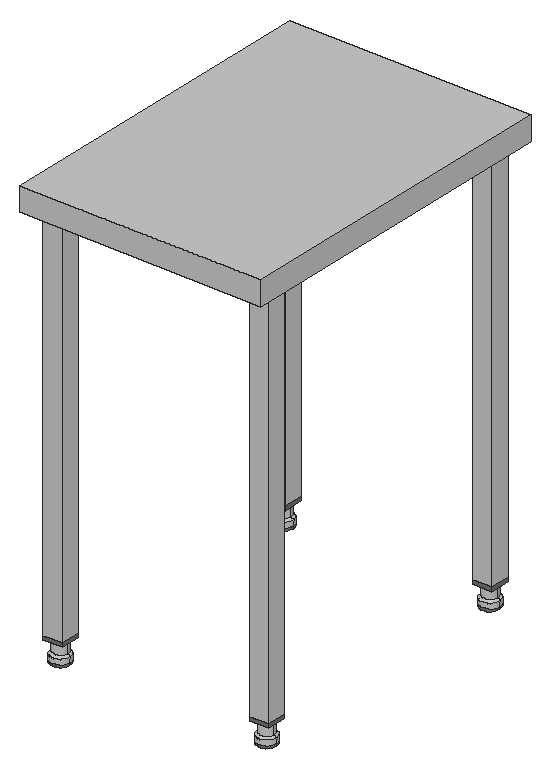
Revit family "QF_ZANUSSI_133214_TG500MBN", category Attrezzature speciali, Revit 2020
Family settings
  Quota connettore circolare = Usa diametro
  Tipo di parte = Normale
  Basato su piano di lavoro = No
  Sempre verticale = Sì
  Taglio con vuoti quando caricato = No
  Condiviso = No
  Punto di calcolo locali = No
Parameters (values of type "Standard")
  Weight = 18.00 kg
  Watts = 0 W
  Volts = 0 V
  URL Manufacturer = "http://www.zanussiprofessional.com"
  URL = "http://www.zanussiprofessional.com"
  Steam Supply Size = 0 mm
  Steam Supply Minimum Pressure = 0.0 Pa
  Steam Supply Maximum Pressure = 0.0 Pa
  Steam Consumption per Hour = 0
  Refrigeration Suction Line Size = 0.0 mm
  Refrigeration Liquid Line Size = 0.0 mm
  Refrigerant Compressor Remote = yes
  Prospetto di default = 0.0 mm
  Produttore = "Zanussi"
  Phase = 0
  Modello = "TG500MBN"
  Length Actual = 500.0 mm  # constant formula
  Item Number = "133214"
  Hot Water Size = 0 mm
  Height Actual = 900.0 mm  # constant formula
  HP = "0 HP"
  Gas Size = 0 mm
  Gas KW = 0
  Gas Input Pressure = 0 W
  Direct Waste Size = 0 mm
  Descrizione = "WORK TABLE 500 MM"
  Depth Actual = 700.0 mm  # constant formula
  Cycle = 0 Hz
  Condensate Return Size = 0 mm
  Compressed Air Volume = 0.0 L/s
  Compressed Air Size = 0 mm
  Compressed Air Pressure = 0.0 Pa
  Cold Water Size = 0 mm
  Accessory = yes
Reference planes
  plane 1 "Center (Front/Back)": y = 0
  plane 2: z = 0
  plane 3 "Center (Left/Right)": x = 250
  plane 4 "LEFT": x = 0
  plane 5 "RIGHT": x = 500
  plane 6 "BACK": y = 350
  plane 7 "FRONT": y = -350
  plane 8 "Base": z = 850
  plane 9 "TOP": z = 900
  plane 10: x = 35.5
  plane 11: x = 464.5
  plane 12: y = 290
  plane 13: y = -290
Forms (mm)
  Extrusion 1, solid, material "QF_Finishes_Stainless Steel"
    sketch origin (250, 0, 0) x (0, 1, 0) y (0, 0, 1)
      loop
        line (-350, 850) -> (350, 850) -> (350, 900) -> (-350, 900) -> (-350, 850)
    from 250 to -250
Lines and regions (mm)
  symbolic lines
    curve 1: line (500, 350, 900) -> (0, 350, 900)
    curve 2: line (0, 350, 900) -> (0, -350, 900)
    curve 3: line (0, -350, 900) -> (500, -350, 900)
    curve 4: line (500, -350, 900) -> (500, 350, 900)
Dimensions and locks
  plane 4 "LEFT" to plane 5 "RIGHT" = 500.0 mm
  equal spacing: plane 4 "LEFT", plane 3 "Center (Left/Right)", plane 5 "RIGHT"
  plane 4 "LEFT" to plane 10 = 35.5 mm
  plane 11 to plane 5 "RIGHT" = 35.5 mm
  plane 10 to plane 11 = 429.0 mm
  locked: plane 9 "TOP" to level at 900
  plane 6 "BACK" to plane 12 = 60.0 mm
  plane 13 to plane 7 "FRONT" = 60.0 mm
  plane 6 "BACK" to plane 7 "FRONT" = 700.0 mm
  plane 12 to plane 13 = 580.0 mm
  equal spacing: plane 6 "BACK", plane 1 "Center (Front/Back)", plane 7 "FRONT"
  locked: plane 8 "Base" to level at 850
  aligned and locked: level to plane 2
  aligned and locked: plane 10 to nested 1
  aligned and locked: nested 1 to plane 13
  aligned and locked: plane 11 to nested 2
  aligned and locked: nested 2 to plane 13
  aligned and locked: plane 11 to nested 4
  aligned and locked: nested 4 to plane 12
  aligned and locked: plane 10 to nested 3
  aligned and locked: nested 3 to plane 12
  aligned and locked: Extrusion 1 to plane 4 "LEFT"
  aligned and locked: plane 5 "RIGHT" to Extrusion 1
  aligned and locked: curve 2 to plane 4 "LEFT"
Automatic sketch dimensions
  Extrusion 1 sketch curve to plane 7 "FRONT" = 0.0 mm
  Extrusion 1 sketch curve to plane 8 "Base" = 0.0 mm
  curve 3 to plane 7 "FRONT" = 0.0 mm
  curve 4 to plane 6 "BACK" = 0.0 mm
  Extrusion 1 sketch curve to plane 9 "TOP" = 0.0 mm
  Extrusion 1 sketch curve to plane 6 "BACK" = 0.0 mm
  curve 4 to plane 5 "RIGHT" = 0.0 mm
Nested families
  nested 1: "FEET_40x40_APP42" at (35.5, -290, 0), type "FEET_40x40_APP42"
  nested 2: "FEET_40x40_APP42" at (464.5, -290, 0), type "FEET_40x40_APP42"
  nested 3: "FEET_40x40_APP42" at (35.5, 290, 0), type "FEET_40x40_APP42"
  nested 4: "FEET_40x40_APP42" at (464.5, 290, 0), type "FEET_40x40_APP42"
Definition of nested family "FEET_40x40_APP42"
  Parameters
    Default Elevation = 0.0 mm
    FEET = 850.0 mm
  Reference planes
    plane 1 "Center (Front/Back)": y = 0
    plane 2: z = 0
    plane 3 "Center (Left/Right)": x = 0
    plane 4: z = 850
  Forms (mm)
    Extrusion 1, solid
      sketch origin (0, 0, 0) x (1, 0, 0) y (0, 1, 0)
        loop
          line (-20, -20) -> (20, -20) -> (20, 20) -> (-20, 20) -> (-20, -20)
      from 50 to 845
    Extrusion 2, solid
      sketch origin (0, 0, 0) x (1, 0, 0) y (0, 1, 0)
        loop
          circle (0, 0) r 20
      from 0 to 5
    Extrusion 3, solid
      sketch origin (0, 0, 0) x (1, 0, 0) y (0, 1, 0)
        loop
          line (30, 30) -> (-30, 30) -> (-30, -30) -> (30, -30) -> (30, 30)
      from 845 to 850
    Extrusion 4, solid
      sketch origin (0, 0, 0) x (1, 0, 0) y (0, 1, 0)
        loop
          line (-20, -20) -> (20, -20) -> (20, 20) -> (-20, 20) -> (-20, -20)
      from 50 to 42
    Revolve 5, solid
      sketch origin (0, 0, 0) x (1, 0, 0) y (0, 0, 1)
        loop
          line (0, 42) -> (-15, 42) -> (-15, 20) -> (-20, 15) -> (-20, 5) -> (0, 5) -> (0, 42)
        axis (0, 42) -> (0, 5)
      angle from 0 to 360
  Lines and regions (mm)
    symbolic lines
      curve 1: line (0, -1.503, 0) -> (0, 1.508, 0)
      curve 2: line (1.561, 0, 0) -> (-1.439, 0, 0)
  Dimensions and locks
    "FEET": plane 4 to plane 2
    aligned and locked: level to plane 2
  Automatic sketch dimensions
    plane 1 "Center (Front/Back)" to curve 2 = 0.0 mm
    curve 1 to plane 3 "Center (Left/Right)" = 0.0 mm
    curve 2 to plane 3 "Center (Left/Right)" = 1.439 mm
    plane 3 "Center (Left/Right)" to curve 2 = 1.561 mm
    plane 1 "Center (Front/Back)" to curve 1 = 1.503 mm
    curve 1 to plane 1 "Center (Front/Back)" = 1.508 mm
    Extrusion 1 sketch curve to plane 3 "Center (Left/Right)" = 20.0 mm
    plane 3 "Center (Left/Right)" to Extrusion 1 sketch curve = 20.0 mm
    plane 1 "Center (Front/Back)" to Extrusion 1 sketch curve = 20.0 mm
    Extrusion 1 sketch curve to plane 1 "Center (Front/Back)" = 20.0 mm
    plane 1 "Center (Front/Back)" to Extrusion 2 sketch curve = 0.0 mm
    Extrusion 2 sketch curve to plane 3 "Center (Left/Right)" = 0.0 mm
    Extrusion 3 sketch curve to plane 3 "Center (Left/Right)" = 30.0 mm
    plane 3 "Center (Left/Right)" to Extrusion 3 sketch curve = 30.0 mm
    plane 1 "Center (Front/Back)" to Extrusion 3 sketch curve = 30.0 mm
    Extrusion 3 sketch curve to plane 1 "Center (Front/Back)" = 30.0 mm
    Extrusion 4 sketch curve to plane 3 "Center (Left/Right)" = 20.0 mm
    plane 3 "Center (Left/Right)" to Extrusion 4 sketch curve = 20.0 mm
    plane 1 "Center (Front/Back)" to Extrusion 4 sketch curve = 20.0 mm
    Extrusion 4 sketch curve to plane 1 "Center (Front/Back)" = 20.0 mm
    Revolve 5 sketch curve to plane 3 "Center (Left/Right)" = 0.0 mm  (x2)
    Revolve 5 sketch curve to plane 3 "Center (Left/Right)" = 15.0 mm
    Revolve 5 sketch curve to Revolve 5 sketch curve = 5.0 mm  (x3)
    level to Revolve 5 sketch curve = 5.0 mm
    Revolve 5 sketch curve to Revolve 5 sketch curve = 10.0 mm
    Revolve 5 sketch curve to Revolve 5 sketch curve = 22.0 mm
    Revolve 5 sketch curve to level = 9.561 mm
    radius of Extrusion 2 sketch curve = 20.0 mm
